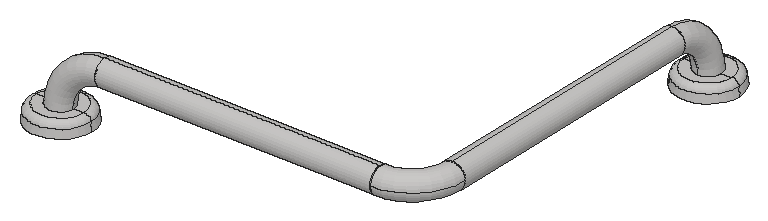
Revit family "8474545440 virtu comfort grab rail 450x450mm LH 90 vertical", category Plumbing Fixtures, host Face, Revit 2015
Parameters (values of type "Virtu Comfort Grab Rail 450x450mm LH 90° Vertical")
  Waste Connection = no
  Vent Connection = no
  URL = "https://www.caroma.com.au/"
  Rail_Width = 450 mm
  Rail_Height = 73 mm
  Model = "8474545440"
  Material_Base = GWA_Metal-Stainless
  Manufacturer = "GWA Bathrooms & Kitchens"  # constant formula
  HW Connection = no
  Description = "Virtu Comfort Grab Rail 450x450mm LH 90° Vertical"
  Default Elevation = 0 mm
  CreatedBy_ANZRS = "GWA Bathrooms & Kitchens"  # constant formula
  CW Connection = no
  Assembly Code = "C1030200"
Reference planes
  plane 1 "Center (Front/Back)": y = 0
  plane 2: z = 0
  plane 3 "Center (Left/Right)": x = 0
  plane 4 "Left": x = 0
  plane 5 "Right": x = -450
  plane 6 "Bottom": y = 450
  plane 7: z = 73
Forms (mm)
  Revolve 1, solid, material "GWA_Metal-Stainless" <- "Material_Base"
    sketch origin (0, 450, 0) x (-1, 0, 0) y (0, 0, -1)
      loop
        line (17, -16.9) -> (17, -18) -> (29.753, -18)
        arc (29.753, -18) -> (35.44, -15.817) -> (38.206, -10.39) r 8.5
        line (38.206, -10.39) -> (39.3, 0) -> (38.194, 0) -> (37.112, -10.275)
        arc (37.112, -10.275) -> (34.704, -15) -> (29.753, -16.9) r 7.4
        line (29.753, -16.9) -> (17, -16.9)
      axis (0, -18) -> (0, 0)
    angle from 0 to 360
  Sweep 2, solid, material "GWA_Metal-Stainless" <- "Material_Base"
    path origin (0, 0, 0) x (0, -1, 0) y (0, 0, -1)
      loop
        line (-450, 0) -> (-450, -17)
        arc (-450, -17) -> (-433.598, -56.598) -> (-394, -73) r 56
        line (-394, -73) -> (-50, -73)
    profile origin (0, 450, 8.5) x (0, -1, 0) y (1, 0, 0)
      loop
        circle (0, 0) r 16
  Revolve 3, solid, material "GWA_Metal-Stainless" <- "Material_Base"
    sketch origin (-300, 0, 0) x (-1, 0, 0) y (0, 0, 1)
      loop
        line (133, 16.9) -> (133, 18) -> (120.247, 18)
        arc (120.247, 18) -> (114.56, 15.817) -> (111.794, 10.39) r 8.5
        line (111.794, 10.39) -> (110.7, 0) -> (111.806, 0) -> (112.888, 10.275)
        arc (112.888, 10.275) -> (115.296, 15) -> (120.247, 16.9) r 7.4
        line (120.247, 16.9) -> (133, 16.9)
      axis (150, 18) -> (150, 0)
    angle from 0 to 360
  Sweep 4, solid, material "GWA_Metal-Stainless" <- "Material_Base"
    path origin (0, 0, 0) x (-1, 0, 0) y (0, 0, 1)
      loop
        line (50, 73) -> (394, 73)
        arc (394, 73) -> (433.598, 56.598) -> (450, 17) r 56
        line (450, 17) -> (450, 0)
    profile origin (-222, 0, 73) x (0, 0, 1) y (0, 1, 0)
      loop
        circle (0, 0) r 16
  Sweep 5, solid, material "GWA_Metal-Stainless" <- "Material_Base"
    path origin (0, 0, 73) x (1, 0, 0) y (0, 1, 0)
      loop
        arc (0, 50) -> (-14.645, 14.645) -> (-50, 0) r 50
    profile origin (-14.645, 14.645, 73) x (0.707107, -0.707107, 0) y (0, 0, 1)
      loop
        circle (0, 0) r 16
Lines and regions (mm)
  Masking region 1
    outline origin (0, 0, 73) x (1, 0, 0) y (0, 1, 0)
      loop
        arc (-50, -16) -> (-3.331, 3.331) -> (16, 50) r 66
        line (16, 50) -> (16, 414.104)
        arc (16, 414.104) -> (0, 489.3) -> (-16, 414.104) r 39.3
        line (-16, 414.104) -> (-16, 50)
        arc (-16, 50) -> (-25.958, 25.958) -> (-50, 16) r 34
        line (-50, 16) -> (-414.104, 16)
        arc (-414.104, 16) -> (-489.3, 0) -> (-414.104, -16) r 39.3
        line (-414.104, -16) -> (-50, -16)
  Masking region 2
    outline origin (0, 0, 0) x (0, -1, 0) y (0, 0, -1)
      loop
        line (-39.3, 0) -> (-38.208, -10.388)
        arc (-38.208, -10.388) -> (-35.442, -15.817) -> (-29.755, -18) r 8.5
        line (-29.755, -18) -> (-16, -18) -> (-16, -57) -> (-394, -57)
        arc (-394, -57) -> (-421.928, -45.636) -> (-433.987, -18) r 40
        line (-433.987, -18) -> (-420.245, -18)
        arc (-420.245, -18) -> (-414.558, -15.817) -> (-411.792, -10.388) r 8.5
        line (-411.792, -10.388) -> (-410.7, 0) -> (-489.3, 0) -> (-488.208, -10.388)
        arc (-488.208, -10.388) -> (-485.442, -15.817) -> (-479.755, -18) r 8.5
        line (-479.755, -18) -> (-465.993, -18)
        arc (-465.993, -18) -> (-444.557, -68.264) -> (-394, -89) r 72
        line (-394, -89) -> (0, -89)
        arc (0, -89) -> (11.314, -84.314) -> (16, -73) r 16
        line (16, -73) -> (16, -18) -> (29.755, -18)
        arc (29.755, -18) -> (35.442, -15.817) -> (38.208, -10.388) r 8.5
        line (38.208, -10.388) -> (39.3, 0) -> (-39.3, 0)
  Masking region 3
    outline origin (0, 0, 0) x (-1, 0, 0) y (0, 0, -1)
      loop
        line (-39.3, 0) -> (-38.208, -10.388)
        arc (-38.208, -10.388) -> (-35.442, -15.817) -> (-29.755, -18) r 8.5
        line (-29.755, -18) -> (-16, -18) -> (-16, -73)
        arc (-16, -73) -> (-11.314, -84.314) -> (0, -89) r 16
        line (0, -89) -> (394, -89)
        arc (394, -89) -> (444.557, -68.264) -> (465.993, -18) r 72
        line (465.993, -18) -> (479.755, -18)
        arc (479.755, -18) -> (485.442, -15.817) -> (488.208, -10.388) r 8.5
        line (488.208, -10.388) -> (489.3, 0) -> (410.7, 0) -> (411.792, -10.388)
        arc (411.792, -10.388) -> (414.558, -15.817) -> (420.245, -18) r 8.5
        line (420.245, -18) -> (433.987, -18)
        arc (433.987, -18) -> (421.928, -45.636) -> (394, -57) r 40
        line (394, -57) -> (16, -57) -> (16, -18) -> (29.755, -18)
        arc (29.755, -18) -> (35.442, -15.817) -> (38.208, -10.388) r 8.5
        line (38.208, -10.388) -> (39.3, 0) -> (-39.3, 0)
  symbolic lines
    curve 1: arc (0, 467, 40) -> (13.92, 459.758, 40) -> (15.981, 444.203, 40) r 17
    curve 2: arc (-15.981, 444.203, 40) -> (-13.92, 459.758, 40) -> (0, 467, 40) r 17
    curve 3: arc (16, 414.104, 40) -> (0, 489.3, 40) -> (-16, 414.104, 40) r 39.3
    curve 4: arc (-444.255, -16, 40) -> (-467, 0, 40) -> (-444.255, 16, 40) r 17
    curve 5: line (-450, -16, 40) -> (-414.104, -16, 40)
    curve 6: line (-450, 16, 40) -> (-414.104, 16, 40)
    curve 7: arc (-450, -16, 40) -> (-466, 0, 40) -> (-450, 16, 40) r 16
    curve 8: arc (-16, 450, 40) -> (0, 466, 40) -> (16, 450, 40) r 16
    curve 9: arc (15.981, 444.203, 40) -> (0, 467, 40) -> (-15.981, 444.203, 40) r 17
    curve 10: line (16, 450, 40) -> (16, 414.104, 40)
    curve 11: line (0, -16, 18) -> (0, 16, 18)
    curve 12: line (-16, 450, 40) -> (-16, 414.104, 40)
    curve 13: line (15.993, 0, 18) -> (-16.013, 0, 18)
    curve 14: line (-16, 0, 57) -> (-16, 0, 73)
    curve 15: arc (-16, 0, 73) -> (-11.314, 0, 84.314) -> (0, 0, 89) r 16
    curve 16: line (0, 465.993, 18) -> (0, 433.987, 18)
    curve 17: line (0, 16, 57) -> (0, 16, 73)
    curve 18: arc (0, 16, 73) -> (0, 11.314, 84.314) -> (0, 0, 89) r 16
    curve 19: line (-433.987, 0, 18) -> (-465.993, 0, 18)
    curve 20: line (-16, 0, 57) -> (-16, 0, 73)
    curve 21: arc (-16, 0, 73) -> (-11.314, 0, 84.314) -> (0, 0, 89) r 16
Dimensions and locks
  aligned and locked: plane 2 to host face
  aligned and locked: level to host face
